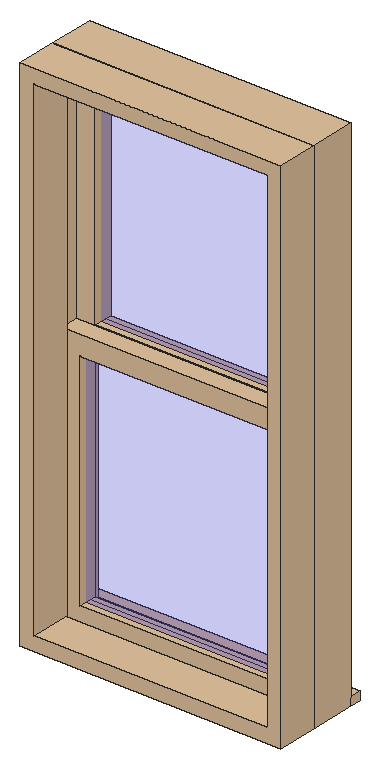
Revit family
Parameters (values of type "24" x 48"")
  Assembly Code = "B2020100"
  Description = ""
  Glass Pane Material = Glass
  Height = 4' - 0"
  Sash Material = Sash
  Default Sill Height = 3' - 0"
  Wall Closure = (empty or 0)
  Width = 2' - 0"
  Window Inset = 0' - 0 3/4"
Types (10): name | Height | Default Sill Height | Width
  (no name) | 4' - 0" | 3' - 0" | 2' - 0"
  36" x 48" | 4' - 0" | 3' - 0" | 3' - 0"
  24" x 48" | 4' - 0" | 3' - 0" | 2' - 0"
  24" x 24" | 2' - 0" | 3' - 0" | 2' - 0"
  16" x 24" | 2' - 0" | 3' - 0" | 1' - 4"
  16" x 48" | 4' - 0" | 3' - 0" | 1' - 4"
  16" x 72" | 6' - 0" | 1' - 0" | 1' - 4"
  24" x 72" | 6' - 0" | 1' - 0" | 2' - 0"
  36" x 24" | 2' - 0" | 3' - 0" | 3' - 0"
  36" x 72" | 6' - 0" | 1' - 0" | 3' - 0"
Reference planes (in)
  plane 1: y = 0
  plane 2: z = 0
  plane 3 "Center": x = 0
  plane 4 "Left": x = -12
  plane 5 "Right": x = 12
  plane 6 "Sill": z = 36
  plane 7 "Top": z = 84
  plane 8: y = 4
  plane 9: y = -4
  plane 10: y = 3.25
  plane 11: z = 60
  plane 12: x = -10.75
  plane 13: x = 10.75
  plane 14: x = 10.75
  plane 15: z = 37.25
  plane 16 "Closure": y = 0.375
Forms (in)
  Extrusion 1, solid, material "Sash" <- "Sash Material"
    sketch origin (0, 0, 0) x (1, 0, 0) y (0, 0, 1)
      loop
        line (-12, 84) -> (-12, 36) -> (12, 36) -> (12, 84) -> (-12, 84)
      loop
        line (-11.25, 83.25) -> (-11.25, 36.75) -> (11.25, 36.75) -> (11.25, 83.25) -> (-11.25, 83.25)
    from -4 to 0.25
  Extrusion 2, solid, material "Sash" <- "Sash Material"
    sketch origin (0, 0, 0) x (-1, 0, 0) y (0, 0, 1)
      loop
        line (-12, 84) -> (-12, 36) -> (12, 36) -> (12, 84) -> (-12, 84)
      loop
        line (-10.75, 82.75) -> (-10.75, 37.25) -> (10.75, 37.25) -> (10.75, 82.75) -> (-10.75, 82.75)
    from -0.25 to -4
  Extrusion 3, solid, material "Sash" <- "Sash Material"
    sketch origin (0, 0, 0) x (-1, 0, 0) y (0, 0, 1)
      loop
        line (-11.25, 83.25) -> (-11.25, 59.125) -> (11.25, 59.125) -> (11.25, 83.25) -> (-11.25, 83.25)
      loop
        line (-9.5, 81.5) -> (-9.5, 60.875) -> (9.5, 60.875) -> (9.5, 81.5) -> (-9.5, 81.5)
    from 1.5 to 3.25
  Extrusion 4, solid, material "Glass" <- "Glass Pane Material"
    sketch origin (-4.9201, 0, -4.60771) x (1, 0, 0) y (0, 0, 1)
      loop
        line (-4.5799, 86.10771) -> (-4.5799, 65.48271) -> (14.4201, 65.48271) -> (14.4201, 86.10771) -> (-4.5799, 86.10771)
    from -2.625 to -2.125
  Extrusion 5, solid, material "Sash" <- "Sash Material"
    sketch origin (0, 0, 0) x (-1, 0, 0) y (0, 0, 1)
      loop
        line (-12, 36.75) -> (-12, 36) -> (12, 36) -> (12, 36.75) -> (-12, 36.75)
    from 4 to 5
  Extrusion 6, solid, material "Sash" <- "Sash Material"
    sketch origin (0, 0, 0) x (-1, 0, 0) y (0, 0, 1)
      loop
        line (-11.25, 60.875) -> (-11.25, 36.75) -> (11.25, 36.75) -> (11.25, 60.875) -> (-11.25, 60.875)
      loop
        line (-9.5, 59.125) -> (-9.5, 38.5) -> (9.5, 38.5) -> (9.5, 59.125) -> (-9.5, 59.125)
    from -0.25 to 1.5
  Extrusion 7, solid, material "Glass" <- "Glass Pane Material"
    sketch origin (0, 0, 0) x (-1, 0, 0) y (0, 0, 1)
      loop
        line (-9.5, 38.5) -> (9.5, 38.5) -> (9.5, 59.125) -> (-9.5, 59.125) -> (-9.5, 38.5)
    from 0.375 to 0.875
Lines and regions (in)
  Opening 1
    outline origin (-60, -4, 0) x (1, 0, 0) y (0, 0, 1)
      loop
        line (48, 84) -> (48, 36) -> (72, 36) -> (72, 84) -> (48, 84)
  symbolic lines, style "WindowsFrameMullionProjection"
    curve 1: line (-12, 4, 0) -> (-11.25, 4, 0)
    curve 2: line (-11.25, -0.25, 0) -> (-11.25, 4, 0)
    curve 3: line (-11.25, -0.25, 0) -> (-10.75, -0.25, 0)
    curve 4: line (-10.75, -4, 0) -> (-10.75, -0.25, 0)
    curve 5: line (12, 4, 0) -> (11.25, 4, 0)
    curve 6: line (10.75, -0.25, 0) -> (10.75, -4, 0)
    curve 7: line (10.75, -0.25, 0) -> (11.25, -0.25, 0)
    curve 8: line (11.25, -0.25, 0) -> (11.25, 4, 0)
    curve 9: line (-11.25, 1.5, 0) -> (-9.5, 1.5, 0)
    curve 10: line (-11.25, 1.5, 0) -> (-11.25, -0.25, 0)
    curve 11: line (-11.25, -0.25, 0) -> (-9.5, -0.25, 0)
    curve 12: line (-9.5, 1.5, 0) -> (-9.5, -0.25, 0)
    curve 13: line (11.25, 1.5, 0) -> (9.5, 1.5, 0)
    curve 14: line (11.25, 1.5, 0) -> (11.25, -0.25, 0)
    curve 15: line (11.25, -0.25, 0) -> (9.5, -0.25, 0)
    curve 16: line (9.5, 1.5, 0) -> (9.5, -0.25, 0)
    curve 18: line (-10.75, -4, 0) -> (-12, -4, 0)
    curve 19: line (10.75, -4, 0) -> (12, -4, 0)
  symbolic lines, style "WindowsGlassProjection"
    curve 17: line (-9.5, 0.625, 0) -> (9.5, 0.625, 0)
Text (in)
  text "EXTERIOR" at (-56.58296, 46.14847, 0), in view "Floor Line"
  text "INTERIOR" at (-58.6888, -38.28069, 0), in view "Floor Line"
  text "Exterior" at (0, 60.6435, 112.49765), in view "Left"
  text "Exterior" at (0, 18.29385, 125.04747), in view "Right"
Dimensions and locks (in)
  equal spacing: plane 4 "Left", plane 3 "Center", plane 5 "Right"
  "Width": plane 4 "Left" to plane 5 "Right"
  "Window Inset": plane 8 to plane 10
  locked: plane 10 to Extrusion 3 at 1.75
  locked: plane 10 to Extrusion 4 at 0.625
  locked: Extrusion 4 to Extrusion 4 at 0.5
  locked: Extrusion 5 sketch curve to Extrusion 1 at 0.75
  equal spacing: plane 6 "Sill", plane 11, plane 7 "Top"
  Extrusion 3 sketch curve to plane 11 to Extrusion 3 sketch curve = 0' - 0 7/8" locked, 0' - 0 7/8" locked
  locked: Extrusion 6 to Extrusion 3 at 3.5
  locked: Extrusion 6 to Extrusion 6 at 1.75
  locked: Extrusion 7 to Extrusion 6 at 0.625
  locked: Extrusion 7 to Extrusion 7 at 0.5
  locked: plane 4 "Left" to plane 12 at 1.25
  locked: plane 14 to plane 5 "Right" at 1.25
  locked: plane 15 to plane 6 "Sill" at 1.25
  "Height": plane 7 "Top" to plane 6 "Sill"
  "Default Sill Height": plane 6 "Sill" to plane 2
  locked: plane 10 to plane 16 "Closure" at 2.875
  locked: Extrusion 5 to plane 8 at 1
  aligned and locked: plane 7 "Top" to Opening 1 sketch curve
  aligned and locked: plane 6 "Sill" to Opening 1 sketch curve  (x2)
  aligned and locked: plane 5 "Right" to Opening 1 sketch curve
  aligned and locked: plane 4 "Left" to Opening 1 sketch curve
  aligned and locked: plane 9 to host wall
  aligned and locked: host wall to Extrusion 2
  aligned and locked: plane 10 to Extrusion 3
  aligned and locked: plane 8 to host wall
  aligned and locked: host wall to Extrusion 1
  aligned and locked: Extrusion 4 sketch curve to Extrusion 3  (x4)
  aligned and locked: curve 5 to Extrusion 1  (x2)
  aligned and locked: curve 6 to Extrusion 2
  aligned and locked: curve 4 to Extrusion 2
  aligned and locked: Extrusion 3 to curve 16
  aligned and locked: Extrusion 1 to curve 11
  aligned and locked: Extrusion 1 to curve 7
  aligned and locked: Extrusion 5 to host wall
  aligned and locked: Extrusion 1 to Extrusion 6 sketch curve
  aligned and locked: Extrusion 6 sketch curve to Extrusion 3
  aligned and locked: Extrusion 2 to Extrusion 6
  aligned and locked: Extrusion 1 to Extrusion 2
  aligned and locked: Extrusion 7 sketch curve to Extrusion 6  (x2)
  aligned and locked: Extrusion 3 to Extrusion 7 sketch curve
  aligned and locked: curve 9 to Extrusion 7 sketch curve
  aligned and locked: Extrusion 6 sketch curve to curve 1
Automatic sketch dimensions
  Extrusion 1 sketch curve to plane 4 "Left" = 0' - 0"
  Extrusion 1 sketch curve to plane 5 "Right" = 0' - 0"
  Extrusion 1 sketch curve to plane 4 "Left" = 0' - 0 3/4"
  plane 5 "Right" to Extrusion 1 sketch curve = 0' - 0 3/4"
  Extrusion 1 sketch curve to plane 6 "Sill" = 0' - 0"
  Extrusion 1 sketch curve to plane 7 "Top" = 0' - 0"
  Extrusion 1 sketch curve to plane 6 "Sill" = 0' - 0 3/4"
  plane 7 "Top" to Extrusion 1 sketch curve = 0' - 0 3/4"
  Extrusion 2 sketch curve to plane 5 "Right" = 0' - 0"
  Extrusion 2 sketch curve to plane 4 "Left" = 0' - 0"
  plane 5 "Right" to Extrusion 2 sketch curve = 0' - 1 1/4"
  Extrusion 2 sketch curve to plane 4 "Left" = 0' - 1 1/4"
  Extrusion 2 sketch curve to plane 6 "Sill" = 0' - 0"
  Extrusion 2 sketch curve to plane 7 "Top" = 0' - 0"
  Extrusion 2 sketch curve to plane 6 "Sill" = 0' - 1 1/4"
  plane 7 "Top" to Extrusion 2 sketch curve = 0' - 1 1/4"
  plane 5 "Right" to Extrusion 3 sketch curve = 0' - 0 3/4"
  Extrusion 3 sketch curve to Extrusion 3 sketch curve = 0' - 1 3/4"
  Extrusion 3 sketch curve to plane 4 "Left" = 0' - 2 1/2"
  Extrusion 3 sketch curve to plane 4 "Left" = 0' - 0 3/4"
  plane 7 "Top" to Extrusion 3 sketch curve = 0' - 2 1/2"
  plane 7 "Top" to Extrusion 3 sketch curve = 0' - 0 3/4"
  curve 18 to plane 4 "Left" = 0' - 0"
  curve 1 to plane 4 "Left" = 0' - 0"
  curve 2 to plane 8 = 0' - 0"
  curve 19 to plane 5 "Right" = 0' - 0"
  curve 2 to plane 4 "Left" = 0' - 0 3/4"
  curve 9 to curve 12 = 0' - 1 3/4"
  plane 5 "Right" to curve 13 = 0' - 0 3/4"
  curve 19 to plane 9 = 0' - 0"
  curve 4 to plane 9 = 0' - 0"
  curve 12 to curve 17 = 0' - 0 7/8"
  curve 17 to curve 13 = 0' - 0 7/8"
  curve 17 to curve 9 = 0' - 0 7/8"
  Extrusion 5 sketch curve to plane 5 "Right" = 0' - 0"
  Extrusion 5 sketch curve to plane 4 "Left" = 0' - 0"
  Extrusion 5 sketch curve to Extrusion 5 sketch curve = 0' - 0 3/4"
  Extrusion 6 sketch curve to Extrusion 6 sketch curve = 0' - 1 3/4"  (x2)
  Extrusion 6 sketch curve to plane 4 "Left" = 0' - 2 1/2"
  Extrusion 6 sketch curve to plane 6 "Sill" = 0' - 2 1/2"
  Extrusion 6 sketch curve to plane 6 "Sill" = 0' - 0 3/4"
